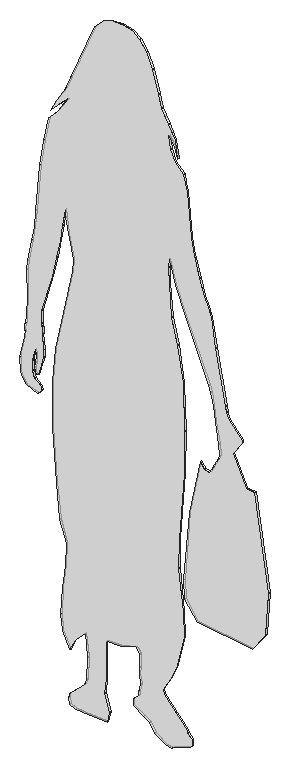
Revit family "Flat Lady 05", category Entourage, Revit 2015
Parameters
  Flat Material [instance] = none
  Height = 0 mm
Reference planes
  plane 1 "Center (Front/Back)": y = 0
  plane 2: z = 0
  plane 3 "Center (Left/Right)": x = 0
Forms (mm)
  Extrusion 1, solid, material <- "Flat Material"
    sketch origin (0, 0, 0) x (1, 0, 0) y (0, 0, 1)
      loop
        line (241.882, 711.02) -> (227.372, 713.398) -> (215.95, 729.452) -> (185.232, 593.565) -> (170.688, 422.878) -> (173.338, 376.539) -> (207.039, 330.906) -> (357.358, 318.478) -> (394.155, 365.919) -> (402.328, 470.537) -> (364.604, 706.163) -> (341.699, 707.069) -> (305.785, 779.568) -> (330.577, 814.146) -> (330.003, 821.037) -> (314.112, 837.734) -> (291.92, 861.82) -> (288.497, 874.519) -> (285.059, 888.79) -> (257.592, 1020.681) -> (245.749, 1092.171) -> (237.877, 1113.081) -> (226.035, 1137.362) -> (214.826, 1176.472) -> (197.067, 1238.522) -> (191.15, 1269.55) -> (179.993, 1374.762) -> (175.276, 1395.411) -> (170.5, 1415.821) -> (147.003, 1436.642) -> (135.435, 1464.401) -> (129.869, 1497.051) -> (143.804, 1472.971) -> (154.146, 1446.032) -> (146.969, 1491.091) -> (129.08, 1522.76) -> (109.975, 1556.641) -> (101.991, 1587.662) -> (85.552, 1642.66) -> (68.71, 1680.101) -> (50.127, 1704.941) -> (29.022, 1718.262) -> (2.371, 1724.02) -> (-25.046, 1722.94) -> (-50.309, 1714.3) -> (-72.588, 1693.581) -> (-138.49, 1545.021) -> (-152.399, 1513.66) -> (-178.451, 1474.1) -> (-194.101, 1444.511) -> (-173.914, 1463.051) -> (-146.559, 1489.29) -> (-174.669, 1449.93) -> (-198.491, 1426.641) -> (-211.723, 1365.011) -> (-222.957, 1300.301) -> (-233.986, 1186.71) -> (-238.47, 1144.381) -> (-245.296, 1107.111) -> (-256.015, 1056.561) -> (-258.426, 1033.081) -> (-257.928, 967.052) -> (-259.454, 923.016) -> (-260.972, 900.024) -> (-264.205, 898.054) -> (-266.229, 880.671) -> (-262.824, 882.217) -> (-268.922, 852.64) -> (-276.391, 823.097) -> (-277.352, 809.679) -> (-275.774, 775.97) -> (-270.654, 764.517) -> (-259.454, 749.462) -> (-240.314, 743.244) -> (-228.214, 740.625) -> (-222.135, 743.898) -> (-218.31, 751.427) -> (-218.789, 760.548) -> (-227.751, 765.797) -> (-236.472, 772.356) -> (-242.373, 790.461) -> (-241.84, 814.6) -> (-237.768, 835.59) -> (-235.872, 845.28) -> (-233.119, 833.229) -> (-234.174, 813.812) -> (-237.244, 799.906) -> (-235.949, 790.197) -> (-232.115, 784.426) -> (-228.283, 784.95) -> (-224.681, 790.985) -> (-221.38, 804.104) -> (-211.809, 834.074) -> (-212.015, 851.746) -> (-216.62, 889.54) -> (-214.75, 889.347) -> (-214.356, 907.31) -> (-218.026, 907.648) -> (-217.975, 915.451) -> (-217.649, 946.571) -> (-188.578, 1040.821) -> (-176.736, 1090.981) -> (-167.526, 1134.42) -> (-160.417, 1175.22) -> (-153.256, 1216.011) -> (-152.58, 1196.711) -> (-145.049, 1159.351) -> (-131.089, 1102.551) -> (-134.665, 1070.801) -> (-159.491, 963.028) -> (-180.689, 866.297) -> (-189.153, 783.693) -> (-189.153, 669.571) -> (-177.49, 540.232) -> (-168.444, 452.641) -> (-150.203, 399.944) -> (-153.428, 345.053) -> (-161.995, 287.962) -> (-165.219, 219.896) -> (-161.995, 182.57) -> (-141.628, 141.949) -> (-126.664, 169.395) -> (-98.811, 196.842) -> (-92.156, 141.809) -> (-95.09, 86.929) -> (-99.771, 72.382) -> (-142.357, 34.418) -> (-143.737, 24.452) -> (-140.745, 9.151) -> (-124.358, 2.136) -> (-99.951, 0) -> (-39.186, 0) -> (-32.334, 26.588) -> (-45.695, 68.985) -> (-42.008, 107.412) -> (-42.034, 198.196) -> (-1.394, 199.165) -> (41.44, 211.113) -> (49.998, 197.754) -> (50.804, 167.288) -> (48.472, 148.659) -> (52.871, 126.421) -> (47.571, 107.794) -> (46.928, 95.829) -> (32.162, 84.414) -> (31.861, 72.941) -> (32.736, 66.614) -> (61.593, 49.41) -> (77.491, 41.66) -> (91.468, 19.588) -> (122.718, 0.553) -> (138.042, 0) -> (189.186, 18.761) -> (193.757, 24.555) -> (193.757, 39.728) -> (181.202, 50.484) -> (180.19, 56.707) -> (117.409, 122.871) -> (114.957, 134.481) -> (138.453, 175.692) -> (150.279, 199.902) -> (171.46, 282.768) -> (169.779, 343.916) -> (156.925, 446.199) -> (158.314, 518.667) -> (171.503, 683.292) -> (173.587, 786.942) -> (168.776, 902.943) -> (154.284, 990.345) -> (137.699, 1055.061) -> (130.41, 1135.462) -> (128.841, 1173.971) -> (130.598, 1195.021) -> (146.651, 1135.361) -> (175.087, 1069.971) -> (239.249, 922.422) -> (244.068, 907.65) -> (251.297, 875.916) -> (256.485, 839.651) -> (266.596, 789.417) -> (269.477, 759.684) -> (241.882, 711.02)
    from -2.5 to 2.5
Lines and regions (mm)
  model lines
    curve 1: line (-150, 0, 0) -> (150, 0, 0)
    curve 2: line (0, -150, 0) -> (0, 150, 0)
Dimensions and locks
  aligned and locked: level to plane 2
